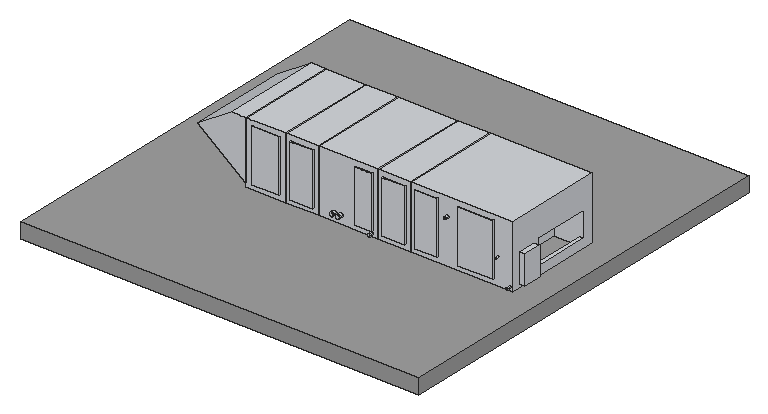
Revit family
Parameters (values of type "8 Row DX-R22")
  Wheel Size [instance] = ""
  Voltage = 480 V
  Unit Weight (lbs) = 4667  # constant formula
  URL = "http://www.appliedair.com"
  Total Static Pressure [instance] = 0.00 in-wg
  Total Heating Capacity [instance] = 0.0 Btu/h
  Total Cooling Capacity [instance] = 0.0 Btu/h
  Temperature Rise [instance] = 0 °F
  Supply Air Pressure Drop [instance] = 0.00 in-wg
  Supply Air Outlet Flow [instance] = 0 CFM
  Supply Air Inlet Flow [instance] = 0 CFM
  Series = "IFL"
  Return Coil Horizontal Offset = 1' - 1"  # constant formula
  Return Air Inlet Flow [instance] = 0 CFM
  Return Air Flow Height = 1' - 8"
  Refrigerant Type = "R22"
  Refrigerant Supply Pressure [instance] = 0.00 psi
  Refrigerant Supply Flow [instance] = 0 GPM
  Refrigerant Return Pressure [instance] = 0.00 psi
  Refrigerant Return Flow [instance] = 0 GPM
  Product URL = "http://www.appliedair.com/ifl.asp"
  Power Vertical Offset = 1' - 2 1/4"
  Power Horizontal Offset = 2' - 6"
  Power Connection Radius = 0' - 0 3/4"
  Phase = 3
  Output Heat [instance] = 0.0 Btu/h
  OmniClass = "23-75 10 24 21 27 17"
  Number of Rows = 8
  Number of Poles = 3
  Nominal Width = 6' - 8"  # constant formula
  Nominal Length = 21' - 0 5/8"  # constant formula
  Nominal Height = 4' - 2"  # constant formula
  Motor Horsepower (HP) [instance] = 0
  Motor Brake Horsepower (BHP) [instance] = 0
  Motor Amps [instance] = 0 A
  Model = "40"
  Minimum Input [instance] = 0.0 Btu/h
  Minimum Air Flow = 3000 CFM
  Maximum Input [instance] = 0.0 Btu/h
  Maximum Air Flow = 9500 CFM
  Manufacturer = "Applied Air"
  M = 3' - 10"  # constant formula
  L = 1' - 8 3/4"  # constant formula
  K = 2' - 1 11/16"  # constant formula
  J = 0' - 6 3/4"  # constant formula
  Heating Leaving Water Temperature [instance] = 0 °F
  Heating Leaving Air Temperature Wet Bulb [instance] = 0 °F
  Heating Leaving Air Temperature Dry Bulb [instance] = 0 °F
  Heating Entering Water Temperature [instance] = 0 °F
  Heating Entering Air Temperature Wet Bulb [instance] = 0 °F
  Heating Entering Air Temperature Dry Bulb [instance] = 0 °F
  Gas Vertical Offset = 1' - 9"  # constant formula
  Gas Horizontal Offset = 0' - 11 1/2"
  Gas Connection Radius = 0' - 0 3/8"  # constant formula
  Condensate Drain Vertical Offset = 0' - 2 3/4"
  Condensate Drain Radius = 0' - 0 3/4"  # constant formula
  Gas Pressure Drop [instance] = 0.00 psi
  Gas Input [instance] = 0.0 Btu/h
  Condensate Drain  Horizontal Offset = 0' - 1 27/32"
  Gas Flow [instance] = 0 GPM
  Condensate Drain Connection Radius = Condensate Drain Radius  # 0' - 0 3/4"
  Furnace Size [instance] = ""
  Frequency = 60 Hz
  Fan Speed (RPM) [instance] = 0
  Face Velocity (FPM) [instance] = 0
  Face Pressure Drop [instance] = 0' - 0"
  Drain Pressure Drop [instance] = 0.00 psi
  Drain Flow [instance] = 0 GPM
  Description = "Dedicated Outside Air Split System"
  Cooling Sensible Capacity [instance] = 0 Btu/h
  Cooling Leaving Air Temperature Wet Bulb [instance] = 0 °F
  Cooling Leaving Air Temperature Dry Bulb [instance] = 0 °F
  Cooling Entering Air Temperature Wet Bulb [instance] = 0 °F
  Cooling Entering Air Temperature Dry Bulb [instance] = 0 °F
  Cooling Coil Radius = 0' 3" / 2  # 0' - 1 1/2"
  H = 0' - 3 1/16"  # constant formula
  G = 3' - 2 5/8"  # constant formula
  Drain Vertical Offset = 0' - 2"
  Drain Radius = 0' - 1"
  Drain Horizontal Offset = 0' - 5"
  Default Elevation = 4' - 0"
  F = 2' - 2"  # constant formula
  E = 4' - 0"  # constant formula
  D = 5' - 8"  # constant formula
  Combustion Air Flow [instance] = 0 CFM
  Coils Depth = 0' - 3"
  Coil Outlet Vertical Offset = 3' - 7 113/256"  # constant formula
  Coil Face Area = if(Choose Coil Option = 1, 9.17 SF, if(Choose Coil Option = 2, 14.00 SF, if(Choose Coil Option = 3, 17.72 SF, 0.00 SF)))  # 14.00 SF
  Choose Coil Option = 2
  Coils Vertical Offsets = 0' - 6 143/256"
  Supply Coil Horizontal Offset = 1' - 6"  # constant formula
  Burner Amps [instance] = 0 A
  B = 6' - 10"  # constant formula
  Assembly Code = "D3030200"
  Apparent Power [instance] = (Motor Amps + Burner Amps) * Voltage * sqrt(3)  # 0 VA
  AHU Material = Galvanized Steel
  40.5x63 DX Coils = Choose Coil Option = 3  # no
  30x44 DX Coils = Choose Coil Option = 1  # no
  36x56 DX Coils = Choose Coil Option = 2  # yes
Reference planes (in)
  plane 1 "Center (Front/Back)": y = 0
  plane 2: z = -0.00391
  plane 3 "Center (Left/Right)": x = 0
  plane 4: y = 38
  plane 5: y = -42
  plane 6: x = -24
  plane 7: x = 24
  plane 8: x = 50
  plane 9: z = 49.99609
  plane 10: x = 132
  plane 11: x = -50
  plane 12: x = -82
  plane 13: x = -120.625
  plane 14: x = -11
  plane 15: x = -6
  plane 16: z = 6.55469
  plane 17: z = 6.55469
  plane 18: y = -45
  plane 19: x = 19
  plane 20: z = 1.99609
  plane 21: x = 80
  plane 22: z = 35.74609
  plane 23: z = 2.74609
  plane 24: x = 130.15625
  plane 25: z = 20.99609
  plane 26: x = 120.5
Forms (in)
  Extrusion 1, solid, material "Default"
    sketch origin (0, 0, 0) x (1, 0, 0) y (0, 1, 0)
      loop
        line (-164.84185, 166) -> (-164.84185, -165.6411) -> (155.35983, -165.6411) -> (155.35983, 166) -> (-164.84185, 166)
    from -0.00391 to -12
  Extrusion 2, solid
    sketch origin (0.62705, 0, 0) x (1, 0, 0) y (0, 0, 1)
      loop
        line (-24.62705, 0) -> (23.37295, 0) -> (23.37295, 49.99609) -> (-24.62705, 49.99609) -> (-24.62705, 0)
    from -38 to 42
  Extrusion 3, solid
    sketch origin (66.62705, 0, 0) x (1, 0, 0) y (0, 0, 1)
      loop
        line (-42.62705, 0) -> (-16.62705, 0) -> (-16.62705, 49.99609) -> (-42.62705, 49.99609) -> (-42.62705, 0)
    from -38 to 42
  Extrusion 4, solid
    sketch origin (120.62705, 0, 0) x (1, 0, 0) y (0, 0, 1)
      loop
        line (-70.62705, 0) -> (11.37295, 0) -> (11.37295, 49.99609) -> (-70.62705, 49.99609) -> (-70.62705, 0)
    from -38 to 42
  Extrusion 5, solid
    sketch origin (-17.37295, 0, 0) x (1, 0, 0) y (0, 0, 1)
      loop
        line (-32.62705, -0.00391) -> (-6.62705, -0.00391) -> (-6.62705, 49.99609) -> (-32.62705, 49.99609) -> (-32.62705, -0.00391)
    from -38 to 42
  Extrusion 6, solid
    sketch origin (-41.37295, 0, 0) x (1, 0, 0) y (0, 0, 1)
      loop
        line (-40.62705, -0.00391) -> (-8.62705, -0.00391) -> (-8.62705, 49.99609) -> (-40.62705, 49.99609) -> (-40.62705, -0.00391)
    from -38 to 42
  Extrusion 7, solid
    sketch origin (-15.3125, 0, 0) x (1, 0, 0) y (0, 0, 1)
      loop
        line (-105.3125, 32.99609) -> (-66.6875, 2.74609) -> (-66.6875, 49.99609) -> (-78.33244, 49.99609) -> (-105.3125, 32.99609)
    from -38 to 42
  Extrusion 8, void
    sketch origin (0, 0, 0) x (1, 0, 0) y (0, 1, 0)
      loop
        line (-75, 32) -> (-75, -36) -> (-55, -36) -> (-55, 32) -> (-75, 32)
    from 0 to 31.59567
  Extrusion 9, void
    sketch origin (0, 0, 0) x (0, 1, 0) y (0, 0, 1)
      loop
        line (-36, 9) -> (32, 9) -> (32, 29) -> (-36, 29) -> (-36, 9)
    from -55 to -85.321
  Extrusion 10, void
    sketch origin (0, 0, 0) x (1, 0, 0) y (0, 1, 0)
      loop
        line (128.9375, -16.3125) -> (128.9375, 29.6875) -> (108.1875, 29.6875) -> (108.1875, -16.3125) -> (128.9375, -16.3125)
    from 0 to 21.23232
  Extrusion 11, void
    sketch origin (0, 0, 0) x (1, 0, 0) y (0, 0, 1)
      loop
        line (132, 6.74609) -> (132, 27.49609) -> (108.1875, 27.49609) -> (108.1875, 6.74609) -> (132, 6.74609)
    from -29.6875 to 16.3125
  Extrusion 12, solid
    sketch origin (0, 0, 0) x (1, 0, 0) y (0, 1, 0)
      loop
        line (132, -21) -> (132, -36) -> (137, -36) -> (137, -21) -> (132, -21)
    from 3.06225 to 25.87762
  Extrusion 13, solid
    sketch origin (0, 0, 0) x (1, 0, 0) y (0, 0, 1)
      loop
        circle (-6, 6.55469) r 1.5
      loop
        circle (-11, 6.55469) r 1.5
      loop
        circle (19, 1.99609) r 1
      loop
        circle (80, 35.74609) r 0.75
      loop
        circle (130.15625, 2.74609) r 0.75
      loop
        circle (120.5, 20.99609) r 0.375
    from 42 to 45
  Extrusion 14, solid
    sketch origin (0, -38, 0) x (1, 0, 0) y (0, 0, 1)
      loop
        line (-55, 45.99609) -> (-77, 45.99609) -> (-77, 3.99609) -> (-55, 3.99609) -> (-55, 45.99609)
      loop
        line (-28, 45.99609) -> (-46, 45.99609) -> (-46, 3.99609) -> (-28, 3.99609) -> (-28, 45.99609)
      loop
        line (20, 45.99609) -> (6, 45.99609) -> (6, 3.99609) -> (20, 3.99609) -> (20, 45.99609)
      loop
        line (46, 45.99609) -> (28, 45.99609) -> (28, 3.99609) -> (46, 3.99609) -> (46, 45.99609)
      loop
        line (72, 45.99609) -> (54, 45.99609) -> (54, 3.99609) -> (72, 3.99609) -> (72, 45.99609)
      loop
        line (117, 45.99609) -> (89, 45.99609) -> (89, 3.99609) -> (117, 3.99609) -> (117, 45.99609)
    from 4 to 5
  Extrusion 15, void
    sketch origin (-0.04982, 0, -2.04982) x (1, 0, 0) y (0, 0, 1)
      loop
        line (124.55215, 46.70523) -> (124.55215, 46.20523) -> (126.80215, 46.20523) -> (126.80215, 46.70523) -> (124.55215, 46.70523)
      loop
        line (127.55215, 46.70523) -> (127.55215, 46.20523) -> (129.80215, 46.20523) -> (129.80215, 46.70523) -> (127.55215, 46.70523)
      loop
        line (124.55215, 47.45523) -> (124.55215, 46.95523) -> (126.80215, 46.95523) -> (126.80215, 47.45523) -> (124.55215, 47.45523)
      loop
        line (127.55215, 47.45523) -> (127.55215, 46.95523) -> (129.80215, 46.95523) -> (129.80215, 47.45523) -> (127.55215, 47.45523)
      loop
        line (124.55215, 45.95523) -> (124.55215, 45.45523) -> (126.80215, 45.45523) -> (126.80215, 45.95523) -> (124.55215, 45.95523)
      loop
        line (127.55215, 45.95523) -> (127.55215, 45.45523) -> (129.80215, 45.45523) -> (129.80215, 45.95523) -> (127.55215, 45.95523)
      loop
        line (124.55215, 45.20523) -> (124.55215, 44.70523) -> (126.80215, 44.70523) -> (126.80215, 45.20523) -> (124.55215, 45.20523)
      loop
        line (127.55215, 45.20523) -> (127.55215, 44.70523) -> (129.80215, 44.70523) -> (129.80215, 45.20523) -> (127.55215, 45.20523)
      loop
        line (124.55215, 44.45523) -> (124.55215, 43.95523) -> (126.80215, 43.95523) -> (126.80215, 44.45523) -> (124.55215, 44.45523)
      loop
        line (127.55215, 44.45523) -> (127.55215, 43.95523) -> (129.80215, 43.95523) -> (129.80215, 44.45523) -> (127.55215, 44.45523)
      loop
        line (124.55215, 43.70523) -> (124.55215, 43.20523) -> (126.80215, 43.20523) -> (126.80215, 43.70523) -> (124.55215, 43.70523)
      loop
        line (127.55215, 43.70523) -> (127.55215, 43.20523) -> (129.80215, 43.20523) -> (129.80215, 43.70523) -> (127.55215, 43.70523)
      loop
        line (124.55215, 15.78696) -> (126.80215, 15.78696) -> (126.80215, 16.28696) -> (124.55215, 16.28696) -> (124.55215, 15.78696)
      loop
        line (127.55215, 15.78696) -> (129.80215, 15.78696) -> (129.80215, 16.28696) -> (127.55215, 16.28696) -> (127.55215, 15.78696)
      loop
        line (124.55215, 15.03696) -> (126.80215, 15.03696) -> (126.80215, 15.53696) -> (124.55215, 15.53696) -> (124.55215, 15.03696)
      loop
        line (127.55215, 15.03696) -> (129.80215, 15.03696) -> (129.80215, 15.53696) -> (127.55215, 15.53696) -> (127.55215, 15.03696)
      loop
        line (124.55215, 16.53696) -> (126.80215, 16.53696) -> (126.80215, 17.03696) -> (124.55215, 17.03696) -> (124.55215, 16.53696)
      loop
        line (127.55215, 16.53696) -> (129.80215, 16.53696) -> (129.80215, 17.03696) -> (127.55215, 17.03696) -> (127.55215, 16.53696)
      loop
        line (124.55215, 17.28696) -> (126.80215, 17.28696) -> (126.80215, 17.78696) -> (124.55215, 17.78696) -> (124.55215, 17.28696)
      loop
        line (127.55215, 17.28696) -> (129.80215, 17.28696) -> (129.80215, 17.78696) -> (127.55215, 17.78696) -> (127.55215, 17.28696)
      loop
        line (124.55215, 18.03696) -> (126.80215, 18.03696) -> (126.80215, 18.53696) -> (124.55215, 18.53696) -> (124.55215, 18.03696)
      loop
        line (127.55215, 18.03696) -> (129.80215, 18.03696) -> (129.80215, 18.53696) -> (127.55215, 18.53696) -> (127.55215, 18.03696)
      loop
        line (124.55215, 18.78696) -> (126.80215, 18.78696) -> (126.80215, 19.28696) -> (124.55215, 19.28696) -> (124.55215, 18.78696)
      loop
        line (127.55215, 18.78696) -> (129.80215, 18.78696) -> (129.80215, 19.28696) -> (127.55215, 19.28696) -> (127.55215, 18.78696)
    from 32 to 38
  Extrusion 16, void
    sketch origin (0, 0, 0) x (1, 0, 0) y (0, 0, 1)
      loop
        line (-85.321, 29) -> (-100.57302, 29) -> (-109.17858, 24.03158) -> (-93.49174, 11.74609) -> (-85.321, 11.74609) -> (-85.321, 29)
    from -32 to 36
Cuts and joins
  Extrusion 8, Extrusion 9 cuts Extrusion 6
  Extrusion 9 cuts Extrusion 2
  Extrusion 9 cuts Extrusion 3
  Extrusion 9, Extrusion 16 cuts Extrusion 7
  Extrusion 10, Extrusion 11, Extrusion 15 cuts Extrusion 4
Dimensions and locks (in)
  "Nominal Width": plane 5 to plane 4
  "E": plane 6 to plane 7
  equal spacing: plane 6, plane 3 "Center (Left/Right)", plane 7
  "Nominal Height": plane 9 to plane 2
  "F": plane 7 to plane 8
  "F": plane 11 to plane 6
  locked: plane 12 to plane 11 at 32
  "B": plane 8 to plane 10
  "G": plane 13 to plane 12
  "D": Extrusion 8 sketch curve to Extrusion 8 sketch curve
  locked: Extrusion 8 sketch curve to Extrusion 8 sketch curve at 20
  locked: Extrusion 9 sketch curve to Extrusion 9 sketch curve at 20
  "D": Extrusion 9 sketch curve to Extrusion 9 sketch curve
  locked: level to Extrusion 9 sketch curve at 9
  "K": plane 5 to Extrusion 10 sketch curve
  "M": Extrusion 10 sketch curve to Extrusion 10 sketch curve
  "H": Extrusion 10 sketch curve to plane 10
  "L": Extrusion 10 sketch curve to Extrusion 10 sketch curve
  "J": Extrusion 11 sketch curve to plane 2
  "L": Extrusion 11 sketch curve to Extrusion 11 sketch curve
  "K": cut or joined group of Extrusion 4, Extrusion 10, Extrusion 11, Extrusion 15 to plane 5
  "M": cut or joined group of Extrusion 4, Extrusion 10, Extrusion 11, Extrusion 15 to cut or joined group of Extrusion 4, Extrusion 10, Extrusion 11, Extrusion 15
  plane 9 to Extrusion 12 = 2' - 0.11847"
  locked: Extrusion 12 to Extrusion 12 at 22.81538
  locked: Extrusion 12 to plane 2 at 3.06615
  locked: Extrusion 12 to Extrusion 12 at 5
  "Coils Depth": plane 18 to plane 5
  "Coils Vertical Offsets": plane 16 to plane 2
  "Coil Outlet Vertical Offset": plane 9 to plane 17
  "Return Coil Horizontal Offset": plane 6 to plane 14
  "Supply Coil Horizontal Offset": plane 6 to plane 15
  "Drain Vertical Offset": plane 20 to plane 2
  "Drain Horizontal Offset": plane 19 to plane 7
  locked: plane 12 to Extrusion 14 sketch curve at 5
  locked: Extrusion 14 sketch curve to plane 11 at 5
  locked: plane 9 to Extrusion 14 sketch curve at 4  (x6)
  locked: Extrusion 14 sketch curve to plane 2 at 4  (x6)
  locked: plane 11 to Extrusion 14 sketch curve at 4
  locked: Extrusion 14 sketch curve to plane 6 at 4
  locked: plane 6 to Extrusion 14 sketch curve at 30
  locked: Extrusion 14 sketch curve to plane 7 at 4
  locked: plane 7 to Extrusion 14 sketch curve at 4
  locked: Extrusion 14 sketch curve to plane 8 at 4
  locked: plane 8 to Extrusion 14 sketch curve at 4
  locked: Extrusion 14 sketch curve to Extrusion 14 sketch curve at 17
  locked: Extrusion 14 sketch curve to plane 10 at 15
  "Power Vertical Offset": plane 9 to plane 22
  "Power Horizontal Offset": plane 8 to plane 21
  locked: Extrusion 14 to plane 5 at 1
  "Condensate Drain Vertical Offset": plane 23 to plane 2
  plane 13 to plane 10 = 21' - 0 5/8"
  "Condensate Drain  Horizontal Offset": plane 24 to plane 10
  locked: Extrusion 7 sketch curve to plane 13 at 0
  locked: Extrusion 7 sketch curve to plane 9 at 0
  locked: Extrusion 7 sketch curve to plane 12 at 0
  locked: Extrusion 7 sketch curve to plane 23 at 0
  locked: plane 12 to Extrusion 7 sketch curve at 11.64494
  "Gas Vertical Offset": plane 25 to plane 2
  "Gas Horizontal Offset": plane 26 to plane 10
  locked: Extrusion 13 sketch curve to plane 14 at 0
  locked: Extrusion 13 sketch curve to plane 15 at 0
  locked: Extrusion 13 sketch curve to plane 19 at 0
  locked: Extrusion 13 sketch curve to plane 21 at 0
  locked: Extrusion 13 sketch curve to plane 25 at 0
  locked: Extrusion 13 sketch curve to plane 26 at 0
  locked: Extrusion 13 sketch curve to plane 23 at 0
  locked: Extrusion 13 sketch curve to plane 24 at 0
  locked: Extrusion 13 sketch curve to plane 20 at 0
  locked: Extrusion 13 sketch curve to plane 16 at 0
  locked: Extrusion 13 sketch curve to plane 22 at 0
  locked: Extrusion 13 sketch curve to plane 17 at 0
  "Cooling Coil Radius": radius of Extrusion 13 sketch curve  (x2)
  "Drain Radius": radius of Extrusion 13 sketch curve
  "Power Connection Radius": radius of Extrusion 13 sketch curve
  "Condensate Drain Connection Radius": radius of Extrusion 13 sketch curve
  "Gas Connection Radius": radius of Extrusion 13 sketch curve
  aligned and locked: plane 2 to Extrusion 1
  aligned and locked: Extrusion 2 to plane 4
  aligned and locked: plane 5 to Extrusion 2
  aligned and locked: plane 6 to Extrusion 2
  aligned and locked: plane 7 to Extrusion 2
  aligned and locked: plane 7 to Extrusion 3
  aligned and locked: Extrusion 3 to plane 8
  aligned and locked: plane 9 to Extrusion 2
  aligned and locked: Extrusion 3 to Extrusion 2
  aligned and locked: plane 5 to Extrusion 3
  aligned and locked: Extrusion 3 to plane 4
  aligned and locked: Extrusion 4 to plane 9
  aligned and locked: plane 8 to Extrusion 4
  aligned and locked: Extrusion 4 to plane 10
  aligned and locked: plane 5 to Extrusion 4
  aligned and locked: Extrusion 4 to plane 4
  aligned and locked: Extrusion 5 to plane 6
  aligned and locked: plane 11 to Extrusion 5
  aligned and locked: Extrusion 5 to plane 9
  aligned and locked: Extrusion 5 to plane 2
  aligned and locked: Extrusion 5 to plane 4
  aligned and locked: plane 5 to Extrusion 5
  aligned and locked: plane 5 to Extrusion 6
  aligned and locked: Extrusion 6 to plane 4
  aligned and locked: plane 12 to Extrusion 6
  aligned and locked: Extrusion 6 to plane 11
  aligned and locked: Extrusion 6 to plane 9
  aligned and locked: Extrusion 6 to plane 2
  aligned and locked: Extrusion 7 to plane 9
  aligned and locked: plane 13 to Extrusion 7
  aligned and locked: Extrusion 7 to plane 12
  aligned and locked: Extrusion 7 to plane 4
  aligned and locked: plane 5 to Extrusion 7
  aligned and locked: cut or joined group of Extrusion 6, Extrusion 8, Extrusion 9 to Extrusion 9 sketch curve
  aligned and locked: cut or joined group of Extrusion 6, Extrusion 8, Extrusion 9 to Extrusion 9
  aligned and locked: Extrusion 10 to level
  aligned and locked: cut or joined group of Extrusion 4, Extrusion 10, Extrusion 11, Extrusion 15 to Extrusion 11 sketch curve
  aligned and locked: plane 10 to Extrusion 11 sketch curve
  aligned and locked: plane 10 to Extrusion 12
  aligned and locked: plane 5 to Extrusion 13
  aligned and locked: plane 18 to Extrusion 13
  aligned and locked: Extrusion 14 to plane 5
  aligned and locked: cut or joined group of Extrusion 4, Extrusion 10, Extrusion 11, Extrusion 15 to plane 5
  aligned and locked: cut or joined group of Extrusion 6, Extrusion 8, Extrusion 9 to cut or joined group of Extrusion 7, Extrusion 9, Extrusion 16
  aligned and locked: cut or joined group of Extrusion 7, Extrusion 9, Extrusion 16 to cut or joined group of Extrusion 6, Extrusion 8, Extrusion 9
Automatic sketch dimensions
  Extrusion 1 sketch curve to Extrusion 1 sketch curve = 26' - 8.20168"
  Extrusion 1 sketch curve to Extrusion 1 sketch curve = 27' - 7.6411"
  Extrusion 2 sketch curve to level = 0' - 0"
  Extrusion 2 sketch curve to plane 6 = 0' - 0"
  Extrusion 2 sketch curve to plane 7 = 0' - 0"
  Extrusion 2 sketch curve to plane 9 = 0' - 0"
  Extrusion 3 sketch curve to level = 0' - 0"
  Extrusion 3 sketch curve to plane 7 = 0' - 0"
  Extrusion 3 sketch curve to plane 8 = 0' - 0"
  Extrusion 3 sketch curve to plane 9 = 0' - 0"
  Extrusion 4 sketch curve to level = 0' - 0"
  Extrusion 4 sketch curve to plane 8 = 0' - 0"
  Extrusion 4 sketch curve to plane 9 = 0' - 0"
  Extrusion 4 sketch curve to plane 10 = 0' - 0"
  Extrusion 5 sketch curve to plane 2 = 0' - 0"
  Extrusion 5 sketch curve to plane 11 = 0' - 0"
  Extrusion 5 sketch curve to plane 6 = 0' - 0"
  Extrusion 5 sketch curve to plane 9 = 0' - 0"
  Extrusion 6 sketch curve to plane 2 = 0' - 0"
  Extrusion 6 sketch curve to plane 12 = 0' - 0"
  Extrusion 6 sketch curve to plane 9 = 0' - 0"
  Extrusion 6 sketch curve to plane 11 = 0' - 0"
  Extrusion 12 sketch curve to plane 10 = 0' - 0"
  Extrusion 12 sketch curve to plane 10 = 0' - 5"
  Extrusion 12 sketch curve to plane 5 = 0' - 6"
  Extrusion 12 sketch curve to Extrusion 12 sketch curve = 1' - 3"
  Extrusion 14 sketch curve to Extrusion 14 sketch curve = 1' - 6"
  Extrusion 15 sketch curve to Extrusion 15 sketch curve = 0' - 0"  (x40)
  Extrusion 15 sketch curve to Extrusion 15 sketch curve = 0' - 0 3/4"  (x4)
  Extrusion 15 sketch curve to Extrusion 15 sketch curve = 0' - 0 1/2"  (x23)
  Extrusion 15 sketch curve to Extrusion 15 sketch curve = 0' - 0 1/4"  (x20)
  Extrusion 8 sketch curve to plane 12 = 0' - 7"
  Extrusion 8 sketch curve to plane 5 = 0' - 6"
  Extrusion 16 sketch curve to plane 13 = 0' - 11.44642"
  plane 22 to Extrusion 16 sketch curve = 0' - 6 191/256"
  Extrusion 16 sketch curve to Extrusion 16 sketch curve = 0' - 8.60555"
  Extrusion 16 sketch curve to plane 16 = 0' - 5 49/256"
  plane 12 to Extrusion 16 sketch curve = 0' - 11.49174"
  plane 12 to Extrusion 16 sketch curve = 0' - 3.321"
  Extrusion 16 sketch curve to Extrusion 16 sketch curve = 0' - 4.96842"
  plane 22 to Extrusion 7 sketch curve = 0' - 2 3/4"
  plane 10 to Extrusion 15 sketch curve = 0' - 7.49767"
  Extrusion 15 sketch curve to Extrusion 15 sketch curve = 0' - 2 1/4"  (x6)
  Extrusion 15 sketch curve to Extrusion 15 sketch curve = 1' - 11.91827"
  plane 9 to Extrusion 15 sketch curve = 3' - 1.00896"
Connectors (in)
  hvac at (-101.3125, -2, 17.87109), driven by "D", driven by "Return Air Flow Height", driven by "Supply Air Inlet Flow"
    settings: on cut or joined group of Extrusion 7, Extrusion 9, Extrusion 16, index 1
  hvac at (-65, -2, -0.00391), driven by "D", driven by "Return Air Flow Height", driven by "Return Air Inlet Flow"
    settings: on cut or joined group of Extrusion 6, Extrusion 8, Extrusion 9, index 2
  hvac at (118.5625, 6.6875, 0), driven by "M", driven by "L", driven by "Supply Air Outlet Flow"
    settings: on cut or joined group of Extrusion 4, Extrusion 10, Extrusion 11, Extrusion 15, index 3
  hvac at (132, 6.6875, 17.12109), driven by "M", driven by "L", driven by "Supply Air Outlet Flow"
    settings: on cut or joined group of Extrusion 4, Extrusion 10, Extrusion 11, Extrusion 15, index 4
  piping at (-11, -45, 6.55469), driven by "Cooling Coil Radius", driven by "Refrigerant Return Flow", driven by "Refrigerant Return Pressure"
    settings: on Extrusion 13, index 5
  piping at (-6, -45, 6.55469), driven by "Cooling Coil Radius", driven by "Refrigerant Supply Flow", driven by "Refrigerant Supply Pressure"
    settings: on Extrusion 13, index 6
  piping at (19, -45, 1.99609), driven by "Drain Radius", driven by "Drain Flow"
    settings: on Extrusion 13, index 7
  electrical at (80, -45, 35.74609), driven by "Number of Poles", driven by "Apparent Power", driven by "Voltage"
    settings: on Extrusion 13, index 8
  piping at (130.15625, -45, 2.74609), driven by "Condensate Drain Radius", driven by "Drain Flow", driven by "Gas Pressure Drop"
    settings: on Extrusion 13, index 9
  piping at (120.5, -45, 20.99609), driven by "Gas Connection Radius", driven by "Gas Flow", driven by "Gas Pressure Drop"
    settings: on Extrusion 13, index 10
